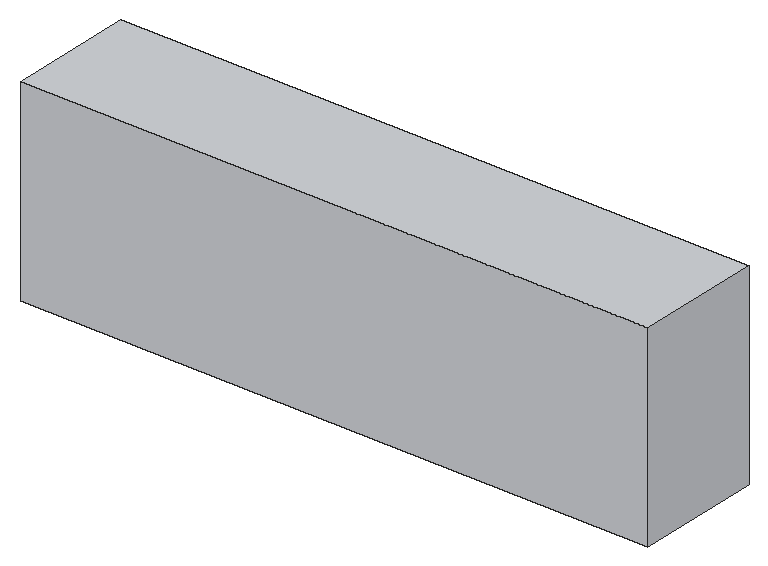
Revit family "Routing Rack Space", category 一般モデル, Revit 2022
Family settings
  鉄筋をホスト可能 = いいえ
  丸型コネクタ寸法 = 直径を使用
  パーツ タイプ = 標準
  作業面ベース = いいえ
  常に垂直 = はい
  ロード時にボイドで切り取り = いいえ
  注釈の向きを維持 = いいえ
  共有 = いいえ
  部屋計算ポイント = いいえ
Parameters (values of type "Generic")
  高さ [instance] = 1250 mm
  幅 [instance] = 4000 mm
  奥行き [instance] = 800 mm
  既定の高さ = 2800 mm
  material = Rack
  Arent-Width [instance] = 幅  # 4000 mm
  Arent-Offset [instance] = 2800 mm
  Arent-Length [instance] = 奥行き  # 800 mm
  Arent-Height [instance] = 高さ  # 1250 mm
Reference planes
  plane 1 "Center (Front/Back)": y = 0
  plane 2: z = 0
  plane 3 "Center (Left/Right)": x = 0
  plane 4: y = 400
  plane 5: y = -400
  plane 6: x = -2000
  plane 7: x = 2000
  plane 8: z = 4050
  plane 9: z = 2800
Forms (mm)
  Extrusion 1, solid
    sketch origin (0, 0, 0) x (1, 0, 0) y (0, 1, 0)
      loop
        line (-2000, 400) -> (-2000, -400) -> (2000, -400) -> (2000, 400) -> (-2000, 400)
    from 2800 to 4050
Lines and regions (mm)
  symbolic lines, style "Arrent-Clearance"
    curve 1: line (-2000, 400, 0) -> (2000, 400, 0)
    curve 2: line (-2000, -400, 0) -> (-2000, 400, 0)
    curve 3: line (2000, -400, 0) -> (-2000, -400, 0)
    curve 4: line (2000, 400, 0) -> (2000, -400, 0)
Dimensions and locks
  equal spacing: plane 4, plane 1 "Center (Front/Back)", plane 5
  equal spacing: plane 6, plane 3 "Center (Left/Right)", plane 7
  "幅": plane 6 to plane 7
  "奥行き": plane 4 to plane 5
  "Arent-Offset": plane 9 to level
  "高さ": plane 8 to plane 9
  aligned and locked: level to plane 2
  aligned and locked: plane 4 to Extrusion 1
  aligned and locked: Extrusion 1 to plane 6
  aligned and locked: plane 5 to Extrusion 1
  aligned and locked: plane 7 to Extrusion 1
  aligned and locked: plane 8 to Extrusion 1
  aligned and locked: Extrusion 1 to plane 9
  aligned and locked: curve 1 to plane 4
  aligned and locked: plane 6 to curve 2
  aligned and locked: plane 5 to curve 3
  aligned and locked: curve 4 to plane 7
Automatic sketch dimensions
  Extrusion 1 sketch curve to plane 5 = 0 mm
  Extrusion 1 sketch curve to plane 6 = 0 mm
  Extrusion 1 sketch curve to plane 7 = 0 mm
  Extrusion 1 sketch curve to plane 4 = 0 mm
